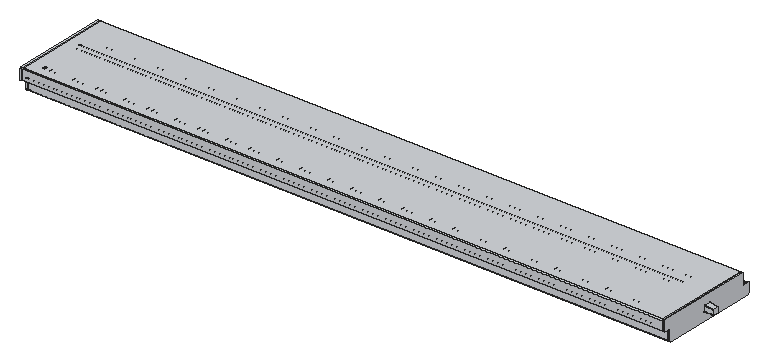
Revit family "165 HI SPAN LOUVRE BLADE-SPIRAL PIVOT", category Generic Models, Revit 2018
Family settings
  Can host rebar = No
  Round Connector Dimension = Use Diameter
  Part Type = Normal
  Work Plane-Based = No
  Always vertical = Yes
  Cut with Voids When Loaded = No
  Shared = No
  Room Calculation Point = No
Parameters
  PITCH [instance] = 0.00°
  M1 [instance] = LENGTH / 2 * cos(PITCH)  # 500 mm
  LOUVRE ANGLE [instance] = 0.00°
  LENGTH [instance] = 1000 mm
  END CAP_SPIRAL PIVOT [instance] = none
  165 HI SPAN LOUVRE BLADE [instance] = none
Reference planes
  plane 1 "Center (Front/Back)": y = 0
  plane 2: z = 0
  plane 3 "Center (Left/Right)": x = 0
  plane 4: x = 500
Lines and regions (mm)
  reference lines
    curve 1: line (0, 0, 0) -> (1000, 0, 0)
    curve 2: line (1000, 0, 26.476) -> (1000, 0, -13.524)
    curve 3: line (0, 0, -7.002) -> (0, 0, 6.998)
    curve 4: line (500, 0, 28.495) -> (500, 0, -31.505)
Dimensions and locks
  "LENGTH": curve 2 to curve 3
  "M1": plane 4 to plane 3 "Center (Left/Right)"
  "LENGTH": curve 1 to curve 1
  equal spacing: curve 2, curve 4, curve 3
  "PITCH": angle level to curve 1
  aligned and locked: level to plane 2
  aligned and locked: plane 3 "Center (Left/Right)" to curve 1
  aligned and locked: plane 2 to curve 1
Automatic sketch dimensions
  curve 1 to curve 3 = 0 mm
  curve 2 to curve 1 = 13.524 mm
  curve 3 to curve 1 = 7.002 mm
  curve 1 to curve 3 = 6.998 mm
  curve 1 to curve 2 = 26.476 mm
  curve 1 to curve 4 = 31.505 mm
  curve 4 to curve 1 = 28.495 mm
Nested families
  nested 1: "165 HI SPAN BLADE AND END CAP" at (500, 0, 0), END CAP <- "END CAP_SPIRAL PIVOT", LENGTH <- "LENGTH", BLADE <- "165 HI SPAN LOUVRE BLADE", LOUVRE BLADE ANGLE <- "LOUVRE ANGLE", type "165 HI SPAN BLADE AND END CAP"
    with LOUVRE BLADE ANGLE 0.00°, LENGTH 1000 mm, END CAP none, BLADE none
Definition of nested family "165 HI SPAN BLADE AND END CAP"
  Parameters (values of type "165 HI SPAN BLADE AND END CAP")
    LOUVRE BLADE ANGLE [instance] = 0.00°
    LENGTH [instance] = 1000 mm
    END CAP [instance] = none
    Default Elevation = 1219.2 mm
    BLADE [instance] = none
  Reference planes
    plane 1 "Center (Front/Back)": y = 0
    plane 2: z = 0
    plane 3 "Center (Left/Right)": x = 0
    plane 4: x = 497
    plane 5: x = 500
    plane 6: x = -497
    plane 7: x = -500
  Forms (mm)
    Extrusion 1, solid, material <- "BLADE"
      sketch origin (0, 0, 0) x (0, 1, 0) y (0, 0, 1)
        loop
          arc (-74.287, 1.756) -> (-74.685, 1.358) -> (-74.287, 0.959) r 0.398
          line (-74.287, 0.959) -> (-70.735, 0.959) -> (-70.735, -16.268) -> (-69.462, -17.541) -> (80.472, -17.541) -> (81.765, -16.256) -> (81.765, -1.041) -> (71.765, -1.041) -> (71.765, 16.187) -> (70.492, 17.459) -> (-79.45, 17.459) -> (-80.735, 16.174) -> (-80.735, 0.959) -> (-78.083, 0.959)
          arc (-78.083, 0.959) -> (-77.685, 1.358) -> (-78.083, 1.756) r 0.398
          line (-78.083, 1.756) -> (-78.935, 1.756) -> (-78.935, 3.056) -> (-73.435, 3.056) -> (-73.435, 1.756) -> (-74.287, 1.756)
        loop
          line (35.915, 0.959) -> (37.694, 0.959)
          arc (37.694, 0.959) -> (40.351, 3.734) -> (44.11, 2.938) r 3.95
          arc (44.11, 2.938) -> (44.197, 1.668) -> (42.927, 1.581) r 0.9
          arc (42.927, 1.581) -> (39.365, -0.041) -> (42.927, -1.662) r 2.15
          arc (42.927, -1.662) -> (44.197, -1.75) -> (44.11, -3.019) r 0.9
          arc (44.11, -3.019) -> (40.351, -3.815) -> (37.694, -1.041) r 3.95
          line (37.694, -1.041) -> (35.915, -1.041)
          arc (35.915, -1.041) -> (35.562, -1.187) -> (35.415, -1.541) r 0.5
          line (35.415, -1.541) -> (35.415, -15.741) -> (79.465, -15.741)
          arc (79.465, -15.741) -> (79.819, -15.594) -> (79.965, -15.241) r 0.5
          line (79.965, -15.241) -> (79.965, -2.841) -> (69.965, -2.841) -> (69.965, 15.659) -> (35.415, 15.659) -> (35.415, 1.459)
          arc (35.415, 1.459) -> (35.562, 1.106) -> (35.915, 0.959) r 0.5
        loop
          line (33.615, 1.459) -> (33.615, 15.659) -> (-32.585, 15.659) -> (-32.585, 1.459)
          arc (-32.585, 1.459) -> (-32.439, 1.106) -> (-32.085, 0.959) r 0.5
          line (-32.085, 0.959) -> (-30.306, 0.959)
          arc (-30.306, 0.959) -> (-27.649, 3.734) -> (-23.891, 2.938) r 3.95
          arc (-23.891, 2.938) -> (-23.803, 1.668) -> (-25.073, 1.581) r 0.9
          arc (-25.073, 1.581) -> (-28.635, -0.041) -> (-25.073, -1.662) r 2.15
          arc (-25.073, -1.662) -> (-23.803, -1.75) -> (-23.891, -3.019) r 0.9
          arc (-23.891, -3.019) -> (-27.649, -3.815) -> (-30.306, -1.041) r 3.95
          line (-30.306, -1.041) -> (-32.085, -1.041)
          arc (-32.085, -1.041) -> (-32.439, -1.187) -> (-32.585, -1.541) r 0.5
          line (-32.585, -1.541) -> (-32.585, -15.741) -> (33.615, -15.741) -> (33.615, -1.541)
          arc (33.615, -1.541) -> (33.469, -1.187) -> (33.115, -1.041) r 0.5
          line (33.115, -1.041) -> (31.337, -1.041)
          arc (31.337, -1.041) -> (28.679, -3.815) -> (24.921, -3.019) r 3.95
          arc (24.921, -3.019) -> (24.833, -1.75) -> (26.103, -1.662) r 0.9
          arc (26.103, -1.662) -> (29.665, -0.041) -> (26.103, 1.581) r 2.15
          arc (26.103, 1.581) -> (24.833, 1.668) -> (24.921, 2.938) r 0.9
          arc (24.921, 2.938) -> (28.679, 3.734) -> (31.337, 0.959) r 3.95
          line (31.337, 0.959) -> (33.115, 0.959)
          arc (33.115, 0.959) -> (33.469, 1.106) -> (33.615, 1.459) r 0.5
        loop
          line (-34.385, 1.459) -> (-34.385, 15.659) -> (-78.435, 15.659)
          arc (-78.435, 15.659) -> (-78.788, 15.513) -> (-78.935, 15.159) r 0.5
          line (-78.935, 15.159) -> (-78.935, 4.856) -> (-71.185, 4.856) -> (-71.185, 2.759) -> (-68.935, 2.759) -> (-68.935, -15.741) -> (-34.385, -15.741) -> (-34.385, -1.541)
          arc (-34.385, -1.541) -> (-34.532, -1.187) -> (-34.885, -1.041) r 0.5
          line (-34.885, -1.041) -> (-36.664, -1.041)
          arc (-36.664, -1.041) -> (-39.321, -3.815) -> (-43.079, -3.019) r 3.95
          arc (-43.079, -3.019) -> (-43.167, -1.75) -> (-41.897, -1.662) r 0.9
          arc (-41.897, -1.662) -> (-38.335, -0.041) -> (-41.897, 1.581) r 2.15
          arc (-41.897, 1.581) -> (-43.167, 1.668) -> (-43.079, 2.938) r 0.9
          arc (-43.079, 2.938) -> (-39.321, 3.734) -> (-36.664, 0.959) r 3.95
          line (-36.664, 0.959) -> (-34.885, 0.959)
          arc (-34.885, 0.959) -> (-34.532, 1.106) -> (-34.385, 1.459) r 0.5
      from -497 to 497
  Lines and regions (mm)
    reference lines
      curve 1: line (0, 0, 0) -> (0, 95, 0)
  Dimensions and locks
    locked: plane 4 to plane 5 at 3
    locked: plane 6 to plane 7 at 3
    equal spacing: plane 6, plane 3 "Center (Left/Right)", plane 4
    "LENGTH": plane 7 to plane 5
    "LOUVRE BLADE ANGLE": angle plane 2 to curve 1
    aligned and locked: level to plane 2
    aligned and locked: plane 1 "Center (Front/Back)" to curve 1
    aligned and locked: plane 2 to curve 1
    aligned and locked: Extrusion 1 to plane 6
    aligned and locked: Extrusion 1 to plane 4
  Automatic sketch dimensions
    Extrusion 1 sketch curve to Extrusion 1 sketch curve = 0 mm  (x40)
    Extrusion 1 sketch curve to curve 1 = 16.174 mm
    Extrusion 1 sketch curve to curve 1 = 80.735 mm
    Extrusion 1 sketch curve to Extrusion 1 sketch curve = 1.285 mm  (x3)
    Extrusion 1 sketch curve to Extrusion 1 sketch curve = 1.8 mm  (x11)
    Extrusion 1 sketch curve to Extrusion 1 sketch curve = 0.5 mm  (x8)
    Extrusion 1 sketch curve to Extrusion 1 sketch curve = 0.852 mm  (x2)
    Extrusion 1 sketch curve to curve 1 = 0.959 mm  (x6)
    Extrusion 1 sketch curve to Extrusion 1 sketch curve = 3.797 mm
    Extrusion 1 sketch curve to Extrusion 1 sketch curve = 2.25 mm
    Extrusion 1 sketch curve to Extrusion 1 sketch curve = 0.45 mm
    curve 1 to Extrusion 1 sketch curve = 17.541 mm
    Extrusion 1 sketch curve to Extrusion 1 sketch curve = 1.273 mm  (x2)
    Extrusion 1 sketch curve to curve 1 = 2.259 mm  (x4)
    Extrusion 1 sketch curve to Extrusion 1 sketch curve = 26.447 mm
    curve 1 to Extrusion 1 sketch curve = 0.041 mm  (x4)
    Extrusion 1 sketch curve to Extrusion 1 sketch curve = 2.003 mm  (x6)
    curve 1 to Extrusion 1 sketch curve = 1.041 mm  (x2)
    Extrusion 1 sketch curve to Extrusion 1 sketch curve = 3.821 mm  (x4)
    Extrusion 1 sketch curve to Extrusion 1 sketch curve = 1.779 mm  (x8)
    curve 1 to Extrusion 1 sketch curve = 2.341 mm  (x4)
    curve 1 to Extrusion 1 sketch curve = 25.512 mm
    Extrusion 1 sketch curve to curve 1 = 1.459 mm
    Extrusion 1 sketch curve to curve 1 = 25.035 mm
    Extrusion 1 sketch curve to Extrusion 1 sketch curve = 0.527 mm  (x3)
    Extrusion 1 sketch curve to curve 1 = 15.535 mm
    Extrusion 1 sketch curve to Extrusion 1 sketch curve = 8.2 mm
    Extrusion 1 sketch curve to Extrusion 1 sketch curve = 1.007 mm
    Extrusion 1 sketch curve to Extrusion 1 sketch curve = 1.293 mm
    curve 1 to Extrusion 1 sketch curve = 1.541 mm  (x3)
    Extrusion 1 sketch curve to Extrusion 1 sketch curve = 0.398 mm  (x2)
    Extrusion 1 sketch curve to Extrusion 1 sketch curve = 1.3 mm
    Extrusion 1 sketch curve to Extrusion 1 sketch curve = 1.015 mm
    Extrusion 1 sketch curve to Extrusion 1 sketch curve = 14.2 mm
    Extrusion 1 sketch curve to Extrusion 1 sketch curve = 0.591 mm  (x3)
  Nested families
    nested 1: "END CAP" at (-497, 0, 0) x (0, 1, 0) z (-1, 0, 0), type "END CAP"
    nested 2: "END CAP" at (497, 0, 0) x (0, 1, 0) z (1, 0, 0), type "END CAP"
  Definition of nested family "END CAP"
    Parameters (values of type "END CAP")
      END CAP = none
      Default Elevation = 1219.2 mm
      10G SCREW = none
    Reference planes
      plane 1 "Center (Front/Back)": y = 0
      plane 2: z = 0
      plane 3 "Center (Left/Right)": x = 0
    Forms (mm)
      Extrusion 1, solid
        sketch origin (0, 0, 0) x (1, 0, 0) y (0, 1, 0)
          loop
            line (-1219.2, 1219.2) -> (-1219.2, -1219.2) -> (1219.2, -1219.2) -> (1219.2, 1219.2) -> (-1219.2, 1219.2)
        from 0 to -304.8
      Extrusion 2, solid, material <- "END CAP"
        sketch origin (447.122, -155.363, 0) x (1, 0, 0) y (0, 1, 0)
          loop
            line (-517.856, 139.095) -> (-516.584, 137.823) -> (-366.649, 137.823) -> (-365.356, 139.108) -> (-365.356, 154.323) -> (-375.356, 154.323) -> (-375.356, 171.55) -> (-376.629, 172.823) -> (-526.571, 172.823) -> (-527.856, 171.538) -> (-527.856, 156.323) -> (-517.856, 156.323) -> (-517.856, 139.095)
        from 0 to 3
      Blend 3, solid, material <- "END CAP"
        base sketch origin (452.012, -203.042, 3) x (1, 0, 0) y (0, 1, 0)
          loop
            line (-447.515, 208.042) -> (-456.509, 208.042)
            arc (-456.509, 208.042) -> (-456.865, 207.895) -> (-457.012, 207.539) r 0.503
            line (-457.012, 207.539) -> (-457.012, 198.545)
            arc (-457.012, 198.545) -> (-456.865, 198.189) -> (-456.509, 198.042) r 0.503
            line (-456.509, 198.042) -> (-447.515, 198.042)
            arc (-447.515, 198.042) -> (-447.159, 198.189) -> (-447.012, 198.545) r 0.503
            line (-447.012, 198.545) -> (-447.012, 207.539)
            arc (-447.012, 207.539) -> (-447.159, 207.895) -> (-447.515, 208.042) r 0.503
        top sketch origin (452.012, -203.042, 3) x (1, 0, 0) y (0, 1, 0)
          loop
            line (-456.012, 207.042) -> (-456.012, 199.042) -> (-448.012, 199.042) -> (-448.012, 207.042) -> (-456.012, 207.042)
        from 0 to 15
    Dimensions and locks
      aligned and locked: plane 2 to Extrusion 1
      aligned and locked: level to Extrusion 1
